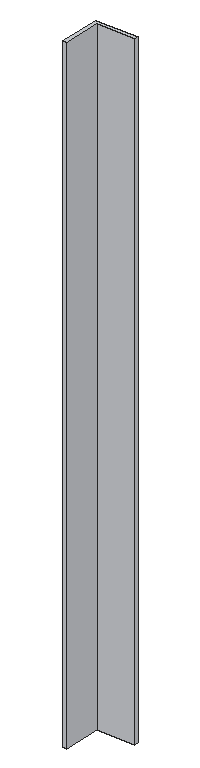
Revit family "Profiles_L_Baluster_Type02", category Balusters, Revit 2022
Family settings
  OmniClass Number = 23.30.80.11.11.14
  OmniClass Title = Posts, Newel Posts, Pickets
  Always vertical = Yes
  Cut with Voids When Loaded = No
  Shared = No
Parameters (values of type "Profiles_L_Baluster 50x50mm")
  built-in parameter 1008623 [instance] = 32.47°
  built-in parameter 1008625 [instance] = (empty or 0)
  R2 = 50 mm
  R1 = 5 mm
  Post = yes
  L2 = 50 mm
  L1 = 5 mm
  built-in parameter 1008624 [instance] = 32.47°
  built-in parameter 1008622 [instance] = 750 mm
Reference planes
  plane 1 "Center (Front/Back)": y = 0
  plane 2: z = 0
  plane 3 "Center (Left/Right)": x = 0
  plane 4 "Top": z = 750
  plane 5 "Top Cut Angle": through (0, 339.699, 533.838) normal (0, -0.5369, -0.8437)
  plane 6 "Bottom Cut Angle": through (0, 0, 0) normal (0, -0.5369, -0.8437)
  plane 7: x = 50
  plane 8: x = 5
  plane 9: y = -5
  plane 10: y = -50
Forms (mm)
  Extrusion 1, solid
    sketch origin (0, 0, 0) x (-1, 0, 0) y (0, -1, 0)
      loop
        line (-50, 0) -> (0, 0) -> (0, 50) -> (-5, 50) -> (-5, 5) -> (-50, 5) -> (-50, 0)
    from 0 to 750
Lines and regions (mm)
  model lines
    curve 1: line (0, 0, 0) -> (50, 0, 0)
    curve 2: line (50, 0, 0) -> (50, -5, 0)
    curve 3: line (50, -5, 0) -> (5, -5, 0)
    curve 4: line (5, -5, 0) -> (5, -50, 0)
    curve 5: line (5, -50, 0) -> (0, -50, 0)
    curve 6: line (0, -50, 0) -> (0, 0, 0)
Text (mm)
  text "Baluster Elevation" at (0, 78.538, 1092.824), in view "Left"
Dimensions and locks
  "built-in parameter 1008622": plane 2 to plane 4 "Top"
  "R2": plane 3 "Center (Left/Right)" to plane 7
  "L1": plane 9 to plane 1 "Center (Front/Back)"
  "L1": plane 8 to plane 3 "Center (Left/Right)"
  "L2": plane 10 to plane 1 "Center (Front/Back)"
  "built-in parameter 1008623": angle plane 4 "Top" to plane 5 "Top Cut Angle"
  "built-in parameter 1008624": angle level to plane 6 "Bottom Cut Angle"
  aligned and locked: plane 2 to level
  aligned and locked: curve 2 to plane 7
  aligned and locked: curve 3 to plane 9
  aligned and locked: curve 4 to plane 8
  aligned and locked: curve 5 to plane 10
  aligned and locked: Extrusion 1 sketch curve to curve 2
  aligned and locked: Extrusion 1 sketch curve to curve 1
  aligned and locked: Extrusion 1 sketch curve to curve 3
  aligned and locked: Extrusion 1 sketch curve to curve 4
  aligned and locked: Extrusion 1 sketch curve to curve 6
  aligned and locked: Extrusion 1 sketch curve to curve 5
Automatic sketch dimensions
  plane 1 "Center (Front/Back)" to curve 1 = 0 mm
  curve 1 to plane 3 "Center (Left/Right)" = 0 mm
